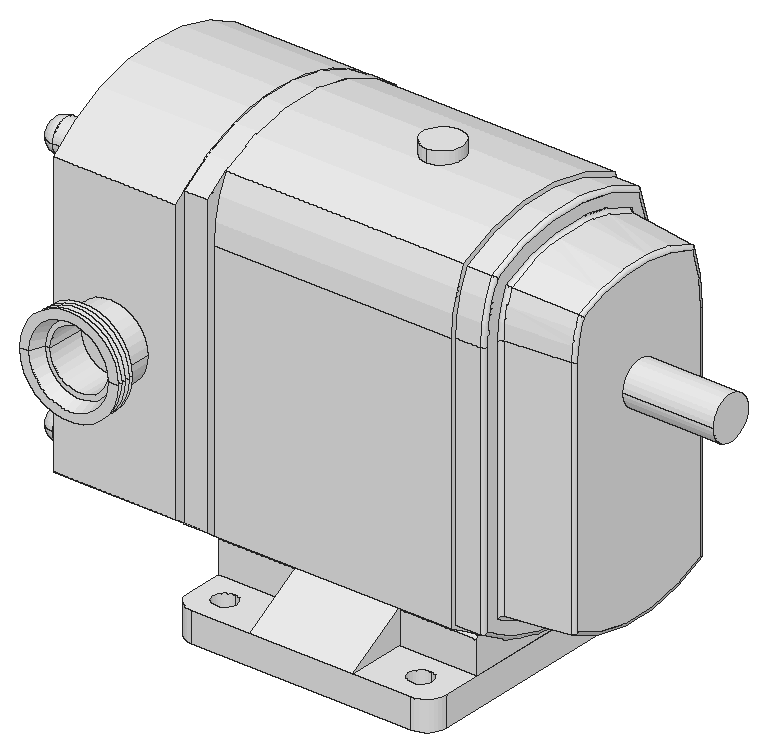
Revit family "MLP 23 - MR102 - Lobe Pump ", category Specialty Equipment, Revit 2022
Family settings
  Round Connector Dimension = Use Diameter
  Part Type = Normal
  Work Plane-Based = No
  Always vertical = Yes
  Cut with Voids When Loaded = No
  Maintain Annotation Orientation = No
  Shared = No
  Room Calculation Point = No
Parameters (values of type "MLP 23 - 1.1 kW")
  URL = "https://en.ekinendustriyel.com/lobe-pumps/lobe-pumps"
  Pressure = 20.0 bar  # constant formula
  Motor Power = 1.1 kW  # constant formula
  Model = "MLP-23  TUL - MR102"
  Manufacturer = "Ekin Endüstriyel"
  Keynote = "Double Serpentine Heater Tank"
  Flow = 5.0 m³/h  # constant formula
  Description = "MIT MLP 23 - Lobe Pump"
  Default Elevation = 0 mm
Reference planes
  plane 1 "Center (Front/Back)": y = 0
  plane 2: z = 0
  plane 3 "Center (Left/Right)": x = 0
Forms (mm)
  Extrusion 1, solid, material "Ekin Endüstriyel_StainlesSteel", detail levels medium+fine
    sketch origin (0, 0, 0) x (0, 1, 0) y (0, 0, 1)
      loop
        arc (65, 198) -> (0, 223) -> (-65, 198) r 97
        line (-65, 198) -> (-65, 54)
        arc (-65, 54) -> (0, 29) -> (65, 54) r 97
        line (65, 54) -> (65, 198)
    from -0.581 to -63.081
  Extrusion 2, solid, material "Ekin Endüstriyel_StainlesSteel", detail levels medium+fine
    sketch origin (0, 0, 0) x (0, 1, 0) y (0, 0, 1)
      loop
        arc (-48, 210.291) -> (-53.968, 195.324) -> (-56, 179.34) r 63.873
        line (-56, 179.34) -> (-56, 46.798)
        arc (-56, 46.798) -> (0, 29) -> (56, 46.798) r 97
        line (56, 46.798) -> (56, 169.858)
        arc (56, 169.858) -> (53.981, 190.467) -> (48, 210.291) r 106.175
        arc (48, 210.291) -> (0, 223) -> (-48, 210.291) r 97
    from 132.919 to 11.419
  Extrusion 3, solid, material "Ekin Endüstriyel_StainlesSteel", detail levels coarse
    sketch origin (0, 0, 0) x (0, 1, 0) y (0, 0, 1)
      loop
        arc (65, 198) -> (0, 223) -> (-65, 198) r 97
        line (-65, 198) -> (-65, 54)
        arc (-65, 54) -> (0, 29) -> (65, 54) r 97
        line (65, 54) -> (65, 198)
    from -63.081 to 183.857
  Sweep 4, solid, material "Ekin Endüstriyel_StainlesSteel", detail levels medium+fine
    path in 3D
      loop
        arc (132.919, 48, 210.291) -> (132.919, 53.981, 190.467) -> (132.919, 56, 169.858) r 106.175
        line (132.919, 56, 169.858) -> (132.919, 56, 46.798)
        arc (132.919, 56, 46.798) -> (132.919, 0, 29) -> (132.919, -56, 46.798) r 97
        line (132.919, -56, 46.798) -> (132.919, -56, 179.34)
        arc (132.919, -56, 179.34) -> (132.919, -53.968, 195.324) -> (132.919, -48, 210.291) r 63.873
        arc (132.919, -48, 210.291) -> (132.919, 0, 223) -> (132.919, 48, 210.291) r 97
    profile origin (132.919, 0, 223) x (0, 0, 1) y (1, 0, 0)
      loop
        line (-2.005, 0) -> (-2.005, 13.004)
        arc (-2.005, 13.004) -> (-2.584, 14.402) -> (-3.981, 14.98) r 1.976
        line (-3.981, 14.98) -> (-10.133, 14.98)
        arc (-10.133, 14.98) -> (-11.482, 15.503) -> (-12.125, 16.799) r 2
        line (-12.125, 16.799) -> (-15.082, 49.18)
        arc (-15.082, 49.18) -> (-15.704, 50.432) -> (-17.007, 50.938) r 1.933
        line (-17.007, 50.938) -> (-23.918, 50.938) -> (-23.918, 0) -> (-2.005, 0)
  Extrusion 5, solid, material "Ekin Endüstriyel_StainlesSteel", detail levels medium+fine
    sketch origin (0, 0, 0) x (0, 1, 0) y (0, 0, 1)
      loop
        arc (-29.766, 192.746) -> (-31.499, 186.142) -> (-32.082, 179.34) r 39.955
        line (-32.082, 179.34) -> (-32.082, 60.336)
        arc (-32.082, 60.336) -> (0, 52.918) -> (32.082, 60.336) r 73.082
        line (32.082, 60.336) -> (32.082, 169.858)
        arc (32.082, 169.858) -> (31.232, 181.657) -> (28.697, 193.212) r 82.257
        arc (28.697, 193.212) -> (-0.583, 199.08) -> (-29.766, 192.746) r 73.082
    from 170.518 to 183.857
  Revolve 6, solid, material "Ekin Endüstriyel_StainlesSteel", detail levels fine
    sketch origin (35.739, 0, 123.787) x (1, 0, 0) y (0, 1, 0)
      loop
        line (-88.818, -65.017) -> (-88.818, -81.023) -> (-92.717, -81.023) -> (-94.485, -82.044) -> (-92.482, -83.2) -> (-94.485, -84.357) -> (-92.48, -85.515) -> (-94.485, -86.672) -> (-92.482, -87.829) -> (-94.485, -88.986) -> (-92.482, -90.142) -> (-94.841, -91.504) -> (-90.152, -91.504) -> (-87.609, -84.516) -> (-84.934, -84.516) -> (-84.934, -65.017) -> (-88.818, -65.017)
      axis (-69.763, -65.017) -> (-69.763, -91.504)
    angle from 0 to 360
  Extrusion 7, solid, material "Ekin Endüstriyel_StainlesSteel"
    sketch origin (-63.081, 0, 0) x (0, -1, 0) y (0, 0, 1)
      loop
        circle (0, 126) r 50
    from 0 to 10
  Extrusion 8, solid, material "Ekin Endüstriyel_StainlesSteel", detail levels medium+fine
    sketch origin (0, 0, 0) x (0, 1, 0) y (0, 0, 1)
      loop
        line (-34.093, 32.841) -> (-65, 15) -> (65, 15) -> (34.097, 32.842)
        arc (34.097, 32.842) -> (0.002, 27.834) -> (-34.093, 32.841) r 118.583
    from 36.862 to 89.521
  Extrusion 9, solid, material "Ekin Endüstriyel_StainlesSteel", detail levels medium
    sketch origin (-75.568, 0, 30.923) x (1, 0, 0) y (0, 0, 1)
      loop
        circle (41.544, 92.864) r 25.078
      loop
        circle (41.544, 92.864) r 20.389
    from 65.017 to 91.504
  Extrusion 10, solid, material "Ekin Endüstriyel_StainlesSteel"
    sketch origin (107.25, 0, 153) x (0, 0, 1) y (0, 1, 0)
      loop
        circle (0, 0) r 11
    from -123.169 to -76.607
  Extrusion 11, solid, material "Ekin Endüstriyel_StainlesSteel", detail levels medium+fine
    sketch origin (0, 0, 0) x (0, 1, 0) y (0, 0, 1)
      loop
        line (-60, 202.217) -> (-60, 49.783)
        arc (-60, 49.783) -> (0, 29) -> (60, 49.783) r 97
        line (60, 49.783) -> (60, 202.217)
        arc (60, 202.217) -> (0, 223) -> (-60, 202.217) r 97
    from 11.419 to -0.581
  Extrusion 12, solid, material "Ekin Endüstriyel_StainlesSteel", detail levels coarse
    sketch origin (-99.135, 0, 4.353) x (1, 0, 0) y (0, 0, 1)
      loop
        circle (65.111, 119.434) r 25.078
    from 65 to 91.504
  Extrusion 13, solid, material "Ekin Endüstriyel_StainlesSteel"
    sketch origin (0, 0, 0) x (1, 0, 0) y (0, 1, 0)
      loop
        circle (12.419, -50) r 6
      loop
        circle (112.419, -50) r 6
      loop
        circle (12.419, 50) r 6
      loop
        circle (112.419, 50) r 6
      loop
        line (119.419, 65) -> (7.419, 65)
        arc (7.419, 65) -> (0.348, 62.071) -> (-2.581, 55) r 10
        line (-2.581, 55) -> (-2.581, -55)
        arc (-2.581, -55) -> (0.348, -62.071) -> (7.419, -65) r 10
        line (7.419, -65) -> (119.419, -65)
        arc (119.419, -65) -> (126.49, -62.071) -> (129.419, -55) r 10
        line (129.419, -55) -> (129.419, 55)
        arc (129.419, 55) -> (126.49, 62.071) -> (119.419, 65) r 10
    from 0 to 15
  Extrusion 14, solid, material "Ekin Endüstriyel_StainlesSteel"
    sketch origin (0, 0, 0) x (0, 1, 0) y (0, 0, 1)
      loop
        arc (-33.135, 32.594) -> (-34.417, 32.362) -> (-35, 31.197) r 1.456
        line (-35, 31.197) -> (-35, 15) -> (35.25, 15) -> (35.25, 31.095)
        arc (35.25, 31.095) -> (34.637, 32.321) -> (33.289, 32.566) r 1.532
        arc (33.289, 32.566) -> (0.075, 27.834) -> (-33.135, 32.594) r 118.583
    from -2.581 to 129.018
  Revolve 15, solid, material "Ekin Endüstriyel_StainlesSteel", detail levels fine
    sketch origin (56.401, 0, 191.795) x (1, 0, 0) y (0, 1, 0)
      loop
        line (-119.482, -48.5) -> (-119.482, -39.954) -> (-141.528, -39.954)
        arc (-141.528, -39.954) -> (-139.025, -45.997) -> (-132.982, -48.5) r 8.546
        line (-132.982, -48.5) -> (-119.482, -48.5)
      axis (-119.482, -39.954) -> (-141.528, -39.954)
    angle from 0 to 360
  Extrusion 16, solid, material "Ekin Endüstriyel_StainlesSteel", detail levels medium+fine
    sketch origin (0, 0, 0) x (1, 0, 0) y (0, 1, 0)
      loop
        circle (83.419, 0) r 10
    from 221 to 229
  Extrusion 17, solid, material "Ekin Endüstriyel_StainlesSteel", detail levels coarse+medium
    sketch origin (-119.482, 0, 146.417) x (0, 0, 1) y (0, 1, 0)
      loop
        circle (45.378, -39.954) r 8.546
      loop
        circle (45.378, 39.954) r 8.546
      loop
        circle (-86.212, 39.954) r 8.546
      loop
        circle (-86.212, -39.954) r 8.546
    from -56.401 to -33.901
  Revolve 18, solid, material "Ekin Endüstriyel_StainlesSteel", detail levels fine
    sketch origin (56.401, 0, 191.795) x (1, 0, 0) y (0, 1, 0)
      loop
        line (-119.482, 48.5) -> (-132.982, 48.5)
        arc (-132.982, 48.5) -> (-139.025, 45.997) -> (-141.528, 39.954) r 8.546
        line (-141.528, 39.954) -> (-119.482, 39.954) -> (-119.482, 48.5)
      axis (-119.482, 39.954) -> (-141.528, 39.954)
    angle from 0 to 360
  Revolve 19, solid, material "Ekin Endüstriyel_StainlesSteel", detail levels fine
    sketch origin (56.401, 0, 60.205) x (1, 0, 0) y (0, 1, 0)
      loop
        line (-119.482, -48.5) -> (-119.482, -39.954) -> (-141.528, -39.954)
        arc (-141.528, -39.954) -> (-139.025, -45.997) -> (-132.982, -48.5) r 8.546
        line (-132.982, -48.5) -> (-119.482, -48.5)
      axis (-119.482, -39.954) -> (-141.528, -39.954)
    angle from 0 to 360
  Revolve 20, solid, material "Ekin Endüstriyel_StainlesSteel", detail levels fine
    sketch origin (56.401, 0, 60.205) x (1, 0, 0) y (0, 1, 0)
      loop
        line (-119.482, 48.5) -> (-132.982, 48.5)
        arc (-132.982, 48.5) -> (-139.025, 45.997) -> (-141.528, 39.954) r 8.546
        line (-141.528, 39.954) -> (-119.482, 39.954) -> (-119.482, 48.5)
      axis (-119.482, 39.954) -> (-141.528, 39.954)
    angle from 0 to 360
  Revolve 21, solid, material "Ekin Endüstriyel_StainlesSteel", detail levels fine
    sketch origin (35.739, 0, 123.787) x (1, 0, 0) y (0, 1, 0)
      loop
        line (-88.818, 65.017) -> (-84.934, 65.017) -> (-84.934, 84.516) -> (-87.609, 84.516) -> (-90.152, 91.504) -> (-94.841, 91.504) -> (-92.482, 90.142) -> (-94.485, 88.986) -> (-92.482, 87.829) -> (-94.485, 86.672) -> (-92.48, 85.515) -> (-94.485, 84.357) -> (-92.482, 83.2) -> (-94.485, 82.044) -> (-92.717, 81.023) -> (-88.818, 81.023) -> (-88.818, 65.017)
      axis (-69.763, 65.017) -> (-69.763, 91.504)
    angle from 0 to 360
  Extrusion 22, solid, material "Ekin Endüstriyel_StainlesSteel", detail levels medium
    sketch origin (-75.568, 0, 30.923) x (1, 0, 0) y (0, 0, -1)
      loop
        circle (41.544, -92.864) r 25.078
      loop
        circle (41.544, -92.864) r 20.389
    from 65.017 to 91.504
  Extrusion 23, solid, material "Ekin Endüstriyel_StainlesSteel", detail levels coarse
    sketch origin (-99.135, 0, 4.353) x (1, 0, 0) y (0, 0, -1)
      loop
        circle (65.111, -119.434) r 25.078
    from 65 to 91.504
Cuts and joins
  joined: Sweep 4, Extrusion 5
  joined: Extrusion 2, Extrusion 11, Extrusion 16
Lines and regions (mm)
  sketch lines
    curve 1: arc (132.919, -48, 210.291) -> (132.919, 0, 223) -> (132.919, 48, 210.291) r 97
    curve 2: arc (132.919, -56, 179.34) -> (132.919, -53.968, 195.324) -> (132.919, -48, 210.291) r 63.873
    curve 3: line (132.919, -56, 179.34) -> (132.919, -56, 46.798)
    curve 4: arc (132.919, 56, 46.798) -> (132.919, 0, 29) -> (132.919, -56, 46.798) r 97
    curve 5: line (132.919, 56, 46.798) -> (132.919, 56, 169.858)
    curve 6: arc (132.919, 48, 210.291) -> (132.919, 53.981, 190.467) -> (132.919, 56, 169.858) r 106.175
Dimensions and locks
  aligned and locked: level to plane 2
Connectors
  piping at (-34.024, -91.504, 123.787), diameter 38.1
    settings: on Extrusion 9, index 1, connector inside diameter 609.6 mm, connector length 0 mm, flow factor 0, pipe flow 0.0 m³/h, pressure drop 0.0 bar, fitting loss kfactor 0, connector angle 0.00°, fixture units 0, engagement length 0 mm, angle of deflection 0.00°, flow configuration 0, flow direction 0, fitting loss method 0, system type 7, joint type 0, gender type 0, connector reference index -1, connector utility 0, adjustable connector no, is connector primary yes, connector description ""
  piping at (-34.024, 91.504, 123.787), diameter 38.1
    settings: on Extrusion 22, index 2, connector inside diameter 609.6 mm, connector length 0 mm, flow factor 0, pipe flow 0.0 m³/h, pressure drop 0.0 bar, fitting loss kfactor 0, connector angle 0.00°, fixture units 0, engagement length 0 mm, angle of deflection 0.00°, flow configuration 0, flow direction 0, fitting loss method 0, system type 7, joint type 0, gender type 0, connector reference index -1, connector utility 0, adjustable connector no, is connector primary no, connector description ""
